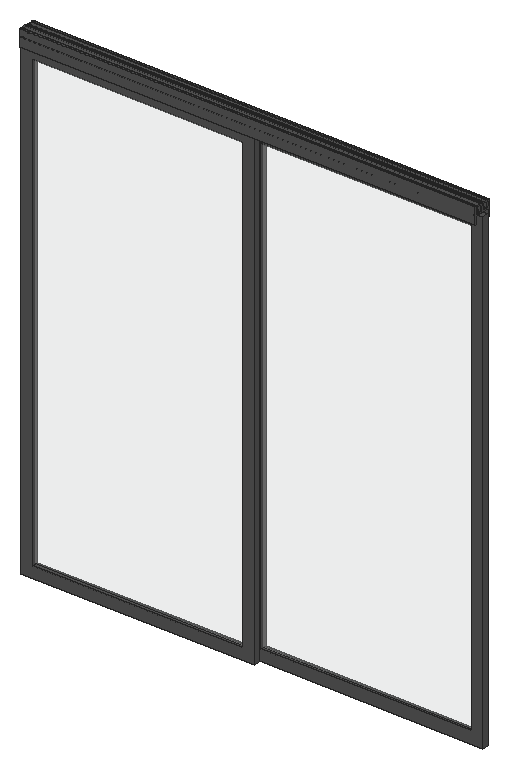
Revit family "Door_SS_The Sliding Door Company_2-Panel Double Track", category Doors, host Wall, Revit 2019
Family settings
  Host = Wall
  OmniClass Number = 23.30.10.00
  OmniClass Title = Doors
  Always vertical = Yes
  Cut with Voids When Loaded = No
  Shared = No
  Room Calculation Point = No
Parameters (values of type "SS Room Divider - 2 Panel 2 Track - AB/BA")
  Upper Track Material [instance] = TSDC - Casing/Upper Track - Powder Coated Black
  URL = "https://www.slidingdoorco.com"
  Thickness = 1 1/4"  # constant formula
  Structural Support = "Suspended Systems MUST be installed into structural wood header"  # constant formula
  Stile and Rail = 2 1/2"  # constant formula
  Rough Width = Finished Opening Width + 5/8" * 2  # 101 1/4"
  Rough Height = Finished Opening Height + 5/8"  # 108 5/8"
  Panel Width = Width / 2 + 1 1/4"  # 51 1/4"
  Panel Height = Height - 2 1/4"  # 105 3/4"
  Open [instance] = no
  Model = "Suspended System - Full Height System"  # constant formula
  Manufacturer = "The Sliding Door Company"  # constant formula
  Limitations = "Panel Width x System Height cannot exceed 7,400 square inches"  # constant formula
  Glass Thickness = "Available in: 5mm Tempered, 7mm,10mm,11mm Laminated Glass"  # constant formula
  Glass Material [instance] = TSDC - Glass - Clear
  Function = Interior
  Height = if(Finished Opening Height > 108", 108", Finished Opening Height)  # 108"
  Wall Closure = By host
  Width = if(Finished Opening Width > 142", 142", Finished Opening Width)  # 100"
  Fire Rating = "N/A"  # constant formula
  Finished Opening Width = 100"
  Finished Opening Height = 108"
  Door Casing Material [instance] = TSDC - Casing/Upper Track - Powder Coated Black
  Description = "2 Panel Suspended System with Double Track"  # constant formula
  Contact The Sliding Door Company = "https://www.slidingdoorco.com/contact"
  Construction Type = "Top Mounted, Suspended System"  # constant formula
  Configuration = "AB/BA Configuration"  # constant formula
  Closed [instance] = not(Open)  # yes
  Clear Opening Height = Finished Opening Height - 3 9/16"  # 104 7/16"
  Analytic Construction = "<None>"
  2 1/2" Frame (No Support Dividers) = "Max. H=108 in., Max. W=142 in. (72 in. panel width)"  # constant formula
Reference planes (in)
  plane 1 "Center (Front/Back)": y = 0
  plane 2 "Center (Left/Right)": x = 0
  plane 3 "Top": z = 108
  plane 4 "Exterior": y = 3
  plane 5 "Interior": y = -3
  plane 6: x = -50
  plane 7: x = 50
  plane 8: z = 0.625
  plane 9: y = -0.67851
  plane 10 "Top": z = 96
  plane 11 "2": z = 94.375
  plane 12 "3": z = 95.25
  plane 13 "Top": z = 96
  plane 14 "2": z = 94.375
  plane 15 "3": z = 95.25
  plane 16 "Top": z = 80
  plane 17: x = -50
  plane 18: x = 50
  plane 19 "2": z = 78.375
  plane 20 "3": z = 79.25
  plane 21 "4": z = 106.20866
  plane 22 "5": z = 104.4375
  plane 23 "6": z = 105.20866
  plane 24: y = 1.99469
  plane 25: x = -1.25
  plane 26: x = 1.25
Forms (in)
  Extrusion 1, solid, material "TSDC - Casing/Upper Track - Powder Coated Black" <- "Door Casing Material", visible <- "Closed"
    sketch origin (47.66587, 2.61969, 0) x (1, 0, 0) y (0, 0, 1)
      loop
        line (2.33413, 105.20866) -> (-48.91587, 105.20866) -> (-48.91587, 0.625) -> (2.33413, 0.625) -> (2.33413, 105.20866)
      loop
        line (-0.16587, 102.70866) -> (-46.41587, 102.70866) -> (-46.41587, 3.125) -> (-0.16587, 3.125) -> (-0.16587, 102.70866)
    from 0 to 1.25
  Extrusion 2, solid, material "TSDC - Glass - Clear" <- "Glass Material", visible <- "Closed"
    sketch origin (47.66587, 2.11969, 0) x (1, 0, 0) y (0, 0, 1)
      loop
        line (-0.16587, 102.70866) -> (-46.41587, 102.70866) -> (-46.41587, 3.125) -> (-0.16587, 3.125) -> (-0.16587, 102.70866)
    from 0 to 0.25
  Extrusion 3, solid, material "TSDC - Casing/Upper Track - Powder Coated Black", not visible
    sketch origin (0, 0.8784, 0.00198) x (0, 1, 0) y (0, 0, 1)
      loop
        line (1.17662, -0.00198) -> (1.7466, -0.00198) -> (1.7466, 0.11422) -> (1.63872, 0.16601) -> (1.5898, 0.16) -> (1.58595, 0.19134) -> (1.49638, 0.23434) -> (1.44746, 0.22833) -> (1.44362, 0.25967) -> (1.35493, 0.30224) -> (1.30601, 0.29623) -> (1.30216, 0.32757) -> (1.21825, 0.36785)
        arc (1.21825, 0.36785) -> (1.19583, 0.37043) -> (1.17662, 0.35859) r 0.03449
        line (1.17662, 0.35859) -> (1.17662, 0.26961) -> (1.14379, 0.26961) -> (1.14379, 0.30227) -> (1.11271, 0.30227) -> (1.11271, 0.05752) -> (1.14379, 0.05752) -> (1.14379, 0.08934) -> (1.17662, 0.08934) -> (1.17662, -0.00198)
      loop
        line (1.6966, 0.05) -> (1.6966, 0.08276) -> (1.2346, 0.30454) -> (1.2346, 0.05) -> (1.6966, 0.05)
    from -50 to 50
  Extrusion 4, solid, material "TSDC - Casing/Upper Track - Powder Coated Black", not visible
    sketch origin (0, 0.8784, 0.00198) x (0, 1, 0) y (0, 0, 1)
      loop
        arc (1.17662, 0.34104) -> (1.17081, 0.35508) -> (1.15677, 0.36093) r 0.01985
        line (1.15677, 0.36093) -> (1.07541, 0.36093)
        arc (1.07541, 0.36093) -> (1.06136, 0.3551) -> (1.05556, 0.34103) r 0.01985
        line (1.05556, 0.34103) -> (1.05556, 0.20299) -> (0.9831, 0.20299) -> (0.9831, 0.28602)
        arc (0.9831, 0.28602) -> (0.87384, 0.39506) -> (0.76472, 0.28588) r 0.10919
        line (0.76472, 0.28588) -> (0.82428, 0.28588)
        arc (0.82428, 0.28588) -> (0.87397, 0.3355) -> (0.92354, 0.28575) r 0.04963
        line (0.92354, 0.28575) -> (0.92354, 0.14753) -> (1.05556, 0.10767) -> (1.05556, 0.05757) -> (0.38753, 0.05757) -> (0.38753, 0.36093) -> (-0.56932, 0.36093) -> (-0.56932, 0.20299) -> (-0.64178, 0.20299) -> (-0.64178, 0.28602)
        arc (-0.64178, 0.28602) -> (-0.75104, 0.39506) -> (-0.86016, 0.28588) r 0.10919
        line (-0.86016, 0.28588) -> (-0.8006, 0.28588)
        arc (-0.8006, 0.28588) -> (-0.75091, 0.3355) -> (-0.70134, 0.28575) r 0.04963
        line (-0.70134, 0.28575) -> (-0.70134, 0.14753) -> (-0.56932, 0.10767) -> (-0.56932, 0.05757) -> (-1.23735, 0.05757) -> (-1.23735, 0.36093) -> (-2.19421, 0.36093) -> (-2.19421, 0.20299) -> (-2.26667, 0.20299) -> (-2.26667, 0.28602)
        arc (-2.26667, 0.28602) -> (-2.37592, 0.39506) -> (-2.48504, 0.28588) r 0.10919
        line (-2.48504, 0.28588) -> (-2.42548, 0.28588)
        arc (-2.42548, 0.28588) -> (-2.37579, 0.3355) -> (-2.32622, 0.28575) r 0.04963
        line (-2.32622, 0.28575) -> (-2.32622, 0.14753) -> (-2.19421, 0.10767) -> (-2.19421, 0.05757) -> (-2.86223, 0.05757) -> (-2.86223, 0.34103)
        arc (-2.86223, 0.34103) -> (-2.86803, 0.3551) -> (-2.88208, 0.36093) r 0.01985
        line (-2.88208, 0.36093) -> (-2.96344, 0.36093)
        arc (-2.96344, 0.36093) -> (-2.97751, 0.35509) -> (-2.9833, 0.341) r 0.01985
        line (-2.9833, 0.341) -> (-2.9833, 0.26961) -> (-2.95059, 0.26961) -> (-2.95059, 0.30227) -> (-2.91939, 0.30227) -> (-2.91939, 0.05752) -> (-2.95046, 0.05752) -> (-2.95046, 0.08934) -> (-2.9833, 0.08934) -> (-2.9833, -0.00198) -> (-2.13705, -0.00198) -> (-2.10598, 0.05752) -> (-2.13705, 0.05752) -> (-2.13705, 0.30227) -> (-1.29451, 0.30227) -> (-1.29451, 0.05752) -> (-1.32558, 0.05752) -> (-1.29451, -0.00198) -> (-0.51217, -0.00198) -> (-0.4811, 0.05752) -> (-0.51217, 0.05752) -> (-0.51217, 0.30227) -> (0.33038, 0.30227) -> (0.33038, 0.05752) -> (0.2993, 0.05752) -> (0.33038, -0.00198) -> (1.17662, -0.00198) -> (1.17662, 0.08934) -> (1.14379, 0.08934) -> (1.14379, 0.05752) -> (1.11271, 0.05752) -> (1.11271, 0.30227) -> (1.14379, 0.30227) -> (1.14379, 0.26961) -> (1.17662, 0.26961) -> (1.17662, 0.34104)
    from -50 to 50
  Extrusion 5, solid, material "TSDC - Casing/Upper Track - Powder Coated Black", not visible
    sketch origin (0, -0.92827, 0.00198) x (0, -1, 0) y (0, 0, -1)
      loop
        line (1.17662, 0.00198) -> (1.17662, -0.08934) -> (1.14379, -0.08934) -> (1.14379, -0.05752) -> (1.11271, -0.05752) -> (1.11271, -0.30227) -> (1.14379, -0.30227) -> (1.14379, -0.26961) -> (1.17662, -0.26961) -> (1.17662, -0.35859)
        arc (1.17662, -0.35859) -> (1.19583, -0.37043) -> (1.21825, -0.36785) r 0.03449
        line (1.21825, -0.36785) -> (1.30216, -0.32757) -> (1.30601, -0.29623) -> (1.35493, -0.30224) -> (1.44362, -0.25967) -> (1.44746, -0.22833) -> (1.49638, -0.23434) -> (1.58595, -0.19134) -> (1.5898, -0.16) -> (1.63872, -0.16601) -> (1.7466, -0.11422) -> (1.7466, 0.00198) -> (1.17662, 0.00198)
      loop
        line (1.6966, -0.05) -> (1.2346, -0.05) -> (1.2346, -0.30454) -> (1.6966, -0.08276) -> (1.6966, -0.05)
    from -50 to 50
  Extrusion 6, solid, material "TSDC - Casing/Upper Track - Powder Coated Black", not visible
    sketch origin (0, 1.25781, 0) x (0, 1, 0) y (0, 0, 1)
      loop
        line (1.74219, 96) -> (-2.99219, 96) -> (-2.99219, 93.875) -> (-2.93359, 93.875) -> (-2.93359, 95.94141) -> (-1.43359, 95.94141) -> (-1.43359, 93.875) -> (-1.375, 93.875) -> (-1.375, 95.94141) -> (0.125, 95.94141) -> (0.125, 93.875) -> (0.18359, 93.875) -> (0.18359, 95.94141) -> (1.68359, 95.94141) -> (1.68359, 93.875) -> (1.74219, 93.875) -> (1.74219, 96)
    from -50 to 50
  Extrusion 7, solid, material "TSDC - Casing/Upper Track - Powder Coated Black", visible <- "Open", not visible
    sketch origin (-18.0008, 2.81641, 0) x (1, 0, 0) y (0, 0, 1)
      loop
        line (2.33413, 94.375) -> (-31.9992, 94.375) -> (-31.9992, 0.625) -> (2.33413, 0.625) -> (2.33413, 94.375)
      loop
        line (0.83413, 92.875) -> (-30.4992, 92.875) -> (-30.4992, 2.125) -> (0.83413, 2.125) -> (0.83413, 92.875)
    from 0 to 1.25
  Extrusion 8, solid, material "TSDC - Glass - Clear", visible <- "Open", not visible
    sketch origin (-18.0008, 2.31641, 0) x (1, 0, 0) y (0, 0, 1)
      loop
        line (0.83413, 92.875) -> (-30.4992, 92.875) -> (-30.4992, 2.125) -> (0.83413, 2.125) -> (0.83413, 92.875)
    from 0 to 0.25
  Extrusion 9, solid, material "TSDC - Casing/Upper Track - Powder Coated Black", visible <- "Open", not visible
    sketch origin (-44.66746, 1.25781, 0) x (1, 0, 0) y (0, 0, 1)
      loop
        line (29.0008, 94.375) -> (-5.33254, 94.375) -> (-5.33254, 0.625) -> (29.0008, 0.625) -> (29.0008, 94.375)
      loop
        line (27.5008, 92.875) -> (-3.83254, 92.875) -> (-3.83254, 2.125) -> (27.5008, 2.125) -> (27.5008, 92.875)
    from 0 to 1.25
  Extrusion 10, solid, material "TSDC - Glass - Clear", visible <- "Open", not visible
    sketch origin (-44.66746, 0.75781, 0) x (1, 0, 0) y (0, 0, 1)
      loop
        line (27.5008, 92.875) -> (-3.83254, 92.875) -> (-3.83254, 2.125) -> (27.5008, 2.125) -> (27.5008, 92.875)
    from 0 to 0.25
  Extrusion 11, solid, material "TSDC - Casing/Upper Track - Powder Coated Black", visible <- "Open", not visible
    sketch origin (-71.33413, -0.30078, 0) x (1, 0, 0) y (0, 0, 1)
      loop
        line (55.66746, 94.375) -> (21.33413, 94.375) -> (21.33413, 0.625) -> (55.66746, 0.625) -> (55.66746, 94.375)
      loop
        line (54.16746, 92.875) -> (22.83413, 92.875) -> (22.83413, 2.125) -> (54.16746, 2.125) -> (54.16746, 92.875)
    from 0 to 1.25
  Extrusion 12, solid, material "TSDC - Glass - Clear", visible <- "Open", not visible
    sketch origin (-71.33413, -0.80078, 0) x (1, 0, 0) y (0, 0, 1)
      loop
        line (54.16746, 92.875) -> (22.83413, 92.875) -> (22.83413, 2.125) -> (54.16746, 2.125) -> (54.16746, 92.875)
    from 0 to 0.25
  Extrusion 13, solid, material "TSDC - Casing/Upper Track - Powder Coated Black", visible <- "Closed", not visible
    sketch origin (-11.83413, 1.25781, 0) x (1, 0, 0) y (0, 0, 1)
      loop
        line (29.0008, 94.375) -> (-5.33254, 94.375) -> (-5.33254, 0.625) -> (29.0008, 0.625) -> (29.0008, 94.375)
      loop
        line (27.5008, 92.875) -> (-3.83254, 92.875) -> (-3.83254, 2.125) -> (27.5008, 2.125) -> (27.5008, 92.875)
    from 0 to 1.25
  Extrusion 14, solid, material "TSDC - Glass - Clear", visible <- "Closed", not visible
    sketch origin (-11.83413, 0.75781, 0) x (1, 0, 0) y (0, 0, 1)
      loop
        line (27.5008, 92.875) -> (-3.83254, 92.875) -> (-3.83254, 2.125) -> (27.5008, 2.125) -> (27.5008, 92.875)
    from 0 to 0.25
  Extrusion 15, solid, material "TSDC - Casing/Upper Track - Powder Coated Black", visible <- "Closed", not visible
    sketch origin (47.66587, 2.81641, 0) x (1, 0, 0) y (0, 0, 1)
      loop
        line (2.33413, 94.375) -> (-31.9992, 94.375) -> (-31.9992, 0.625) -> (2.33413, 0.625) -> (2.33413, 94.375)
      loop
        line (0.83413, 92.875) -> (-30.4992, 92.875) -> (-30.4992, 2.125) -> (0.83413, 2.125) -> (0.83413, 92.875)
    from 0 to 1.25
  Extrusion 16, solid, material "TSDC - Glass - Clear", visible <- "Closed", not visible
    sketch origin (47.66587, 2.31641, 0) x (1, 0, 0) y (0, 0, 1)
      loop
        line (0.83413, 92.875) -> (-30.4992, 92.875) -> (-30.4992, 2.125) -> (0.83413, 2.125) -> (0.83413, 92.875)
    from 0 to 0.25
  Extrusion 17, solid, material "TSDC - Casing/Upper Track - Powder Coated Black", visible <- "Closed", not visible
    sketch origin (-71.33413, -0.30078, 0) x (1, 0, 0) y (0, 0, 1)
      loop
        line (55.66746, 94.375) -> (21.33413, 94.375) -> (21.33413, 0.625) -> (55.66746, 0.625) -> (55.66746, 94.375)
      loop
        line (54.16746, 92.875) -> (22.83413, 92.875) -> (22.83413, 2.125) -> (54.16746, 2.125) -> (54.16746, 92.875)
    from 0 to 1.25
  Extrusion 18, solid, material "TSDC - Glass - Clear", visible <- "Closed", not visible
    sketch origin (-71.33413, -0.80078, 0) x (1, 0, 0) y (0, 0, 1)
      loop
        line (54.16746, 92.875) -> (22.83413, 92.875) -> (22.83413, 2.125) -> (54.16746, 2.125) -> (54.16746, 92.875)
    from 0 to 0.25
  Extrusion 19, solid, material "TSDC - Casing/Upper Track - Powder Coated Black", not visible
    sketch origin (0, 1.25781, 0) x (0, 1, 0) y (0, 0, 1)
      loop
        line (1.74219, 96) -> (-2.99219, 96) -> (-2.99219, 93.875) -> (-2.93359, 93.875) -> (-2.93359, 95.94141) -> (-1.43359, 95.94141) -> (-1.43359, 93.875) -> (-1.375, 93.875) -> (-1.375, 95.94141) -> (0.125, 95.94141) -> (0.125, 93.875) -> (0.18359, 93.875) -> (0.18359, 95.94141) -> (1.68359, 95.94141) -> (1.68359, 93.875) -> (1.74219, 93.875) -> (1.74219, 96)
    from -50 to 50
  Extrusion 20, solid, material "TSDC - Casing/Upper Track - Powder Coated Black", not visible
    sketch origin (0, 1.25781, 0) x (0, 1, 0) y (0, 0, 1)
      loop
        line (1.74219, 96) -> (-2.99219, 96) -> (-2.99219, 93.875) -> (-2.93359, 93.875) -> (-2.93359, 95.94141) -> (-1.43359, 95.94141) -> (-1.43359, 93.875) -> (-1.375, 93.875) -> (-1.375, 95.94141) -> (0.125, 95.94141) -> (0.125, 93.875) -> (0.18359, 93.875) -> (0.18359, 95.94141) -> (1.68359, 95.94141) -> (1.68359, 93.875) -> (1.74219, 93.875) -> (1.74219, 96)
    from -50 to 50
  Extrusion 21, solid, material "TSDC - Casing/Upper Track - Powder Coated Black", not visible
    sketch origin (0, 1.25781, 0) x (0, 1, 0) y (0, 0, 1)
      loop
        line (1.74219, 96) -> (-2.99219, 96) -> (-2.99219, 93.875) -> (-2.93359, 93.875) -> (-2.93359, 95.94141) -> (-1.43359, 95.94141) -> (-1.43359, 93.875) -> (-1.375, 93.875) -> (-1.375, 95.94141) -> (0.125, 95.94141) -> (0.125, 93.875) -> (0.18359, 93.875) -> (0.18359, 95.94141) -> (1.68359, 95.94141) -> (1.68359, 93.875) -> (1.74219, 93.875) -> (1.74219, 96)
    from -50 to 50
  Extrusion 22, solid, material "TSDC - Casing/Upper Track - Powder Coated Black", not visible
    sketch origin (0, 0.8784, 0.00198) x (0, 1, 0) y (0, 0, 1)
      loop
        line (1.17662, -0.00198) -> (1.7466, -0.00198) -> (1.7466, 0.11422) -> (1.63872, 0.16601) -> (1.5898, 0.16) -> (1.58595, 0.19134) -> (1.49638, 0.23434) -> (1.44746, 0.22833) -> (1.44362, 0.25967) -> (1.35493, 0.30224) -> (1.30601, 0.29623) -> (1.30216, 0.32757) -> (1.21825, 0.36785)
        arc (1.21825, 0.36785) -> (1.19583, 0.37043) -> (1.17662, 0.35859) r 0.03449
        line (1.17662, 0.35859) -> (1.17662, 0.26961) -> (1.14379, 0.26961) -> (1.14379, 0.30227) -> (1.11271, 0.30227) -> (1.11271, 0.05752) -> (1.14379, 0.05752) -> (1.14379, 0.08934) -> (1.17662, 0.08934) -> (1.17662, -0.00198)
      loop
        line (1.6966, 0.05) -> (1.6966, 0.08276) -> (1.2346, 0.30454) -> (1.2346, 0.05) -> (1.6966, 0.05)
    from -50 to 50
  Extrusion 23, solid, material "TSDC - Casing/Upper Track - Powder Coated Black", not visible
    sketch origin (0, 0.8784, 0.00198) x (0, 1, 0) y (0, 0, 1)
      loop
        arc (1.17662, 0.34104) -> (1.17081, 0.35508) -> (1.15677, 0.36093) r 0.01985
        line (1.15677, 0.36093) -> (1.07541, 0.36093)
        arc (1.07541, 0.36093) -> (1.06136, 0.3551) -> (1.05556, 0.34103) r 0.01985
        line (1.05556, 0.34103) -> (1.05556, 0.20299) -> (0.9831, 0.20299) -> (0.9831, 0.28602)
        arc (0.9831, 0.28602) -> (0.87384, 0.39506) -> (0.76472, 0.28588) r 0.10919
        line (0.76472, 0.28588) -> (0.82428, 0.28588)
        arc (0.82428, 0.28588) -> (0.87397, 0.3355) -> (0.92354, 0.28575) r 0.04963
        line (0.92354, 0.28575) -> (0.92354, 0.14753) -> (1.05556, 0.10767) -> (1.05556, 0.05757) -> (0.38753, 0.05757) -> (0.38753, 0.36093) -> (-0.56932, 0.36093) -> (-0.56932, 0.20299) -> (-0.64178, 0.20299) -> (-0.64178, 0.28602)
        arc (-0.64178, 0.28602) -> (-0.75104, 0.39506) -> (-0.86016, 0.28588) r 0.10919
        line (-0.86016, 0.28588) -> (-0.8006, 0.28588)
        arc (-0.8006, 0.28588) -> (-0.75091, 0.3355) -> (-0.70134, 0.28575) r 0.04963
        line (-0.70134, 0.28575) -> (-0.70134, 0.14753) -> (-0.56932, 0.10767) -> (-0.56932, 0.05757) -> (-1.23735, 0.05757) -> (-1.23735, 0.36093) -> (-2.19421, 0.36093) -> (-2.19421, 0.20299) -> (-2.26667, 0.20299) -> (-2.26667, 0.28602)
        arc (-2.26667, 0.28602) -> (-2.37592, 0.39506) -> (-2.48504, 0.28588) r 0.10919
        line (-2.48504, 0.28588) -> (-2.42548, 0.28588)
        arc (-2.42548, 0.28588) -> (-2.37579, 0.3355) -> (-2.32622, 0.28575) r 0.04963
        line (-2.32622, 0.28575) -> (-2.32622, 0.14753) -> (-2.19421, 0.10767) -> (-2.19421, 0.05757) -> (-2.86223, 0.05757) -> (-2.86223, 0.34103)
        arc (-2.86223, 0.34103) -> (-2.86803, 0.3551) -> (-2.88208, 0.36093) r 0.01985
        line (-2.88208, 0.36093) -> (-2.96344, 0.36093)
        arc (-2.96344, 0.36093) -> (-2.97751, 0.35509) -> (-2.9833, 0.341) r 0.01985
        line (-2.9833, 0.341) -> (-2.9833, 0.26961) -> (-2.95059, 0.26961) -> (-2.95059, 0.30227) -> (-2.91939, 0.30227) -> (-2.91939, 0.05752) -> (-2.95046, 0.05752) -> (-2.95046, 0.08934) -> (-2.9833, 0.08934) -> (-2.9833, -0.00198) -> (-2.13705, -0.00198) -> (-2.10598, 0.05752) -> (-2.13705, 0.05752) -> (-2.13705, 0.30227) -> (-1.29451, 0.30227) -> (-1.29451, 0.05752) -> (-1.32558, 0.05752) -> (-1.29451, -0.00198) -> (-0.51217, -0.00198) -> (-0.4811, 0.05752) -> (-0.51217, 0.05752) -> (-0.51217, 0.30227) -> (0.33038, 0.30227) -> (0.33038, 0.05752) -> (0.2993, 0.05752) -> (0.33038, -0.00198) -> (1.17662, -0.00198) -> (1.17662, 0.08934) -> (1.14379, 0.08934) -> (1.14379, 0.05752) -> (1.11271, 0.05752) -> (1.11271, 0.30227) -> (1.14379, 0.30227) -> (1.14379, 0.26961) -> (1.17662, 0.26961) -> (1.17662, 0.34104)
    from -50 to 50
  Extrusion 24, solid, material "TSDC - Casing/Upper Track - Powder Coated Black", not visible
    sketch origin (0, -0.92827, 0.00198) x (0, -1, 0) y (0, 0, -1)
      loop
        line (1.17662, 0.00198) -> (1.17662, -0.08934) -> (1.14379, -0.08934) -> (1.14379, -0.05752) -> (1.11271, -0.05752) -> (1.11271, -0.30227) -> (1.14379, -0.30227) -> (1.14379, -0.26961) -> (1.17662, -0.26961) -> (1.17662, -0.35859)
        arc (1.17662, -0.35859) -> (1.19583, -0.37043) -> (1.21825, -0.36785) r 0.03449
        line (1.21825, -0.36785) -> (1.30216, -0.32757) -> (1.30601, -0.29623) -> (1.35493, -0.30224) -> (1.44362, -0.25967) -> (1.44746, -0.22833) -> (1.49638, -0.23434) -> (1.58595, -0.19134) -> (1.5898, -0.16) -> (1.63872, -0.16601) -> (1.7466, -0.11422) -> (1.7466, 0.00198) -> (1.17662, 0.00198)
      loop
        line (1.6966, -0.05) -> (1.2346, -0.05) -> (1.2346, -0.30454) -> (1.6966, -0.08276) -> (1.6966, -0.05)
    from -50 to 50
  Extrusion 25, solid, material "TSDC - Casing/Upper Track - Powder Coated Black", not visible
    sketch origin (0, 1.25781, -16) x (0, 1, 0) y (0, 0, 1)
      loop
        line (1.74219, 96) -> (-2.99219, 96) -> (-2.99219, 93.875) -> (-2.93359, 93.875) -> (-2.93359, 95.94141) -> (-1.43359, 95.94141) -> (-1.43359, 93.875) -> (-1.375, 93.875) -> (-1.375, 95.94141) -> (0.125, 95.94141) -> (0.125, 93.875) -> (0.18359, 93.875) -> (0.18359, 95.94141) -> (1.68359, 95.94141) -> (1.68359, 93.875) -> (1.74219, 93.875) -> (1.74219, 96)
    from -50 to 50
  Extrusion 26, solid, material "TSDC - Casing/Upper Track - Powder Coated Black" <- "Door Casing Material", visible <- "Closed"
    sketch origin (-47.66587, 0.91876, 0) x (-1, 0, 0) y (0, 0, -1)
      loop
        line (2.33413, -105.20866) -> (2.33413, -0.625) -> (-48.91587, -0.625) -> (-48.91587, -105.20866) -> (2.33413, -105.20866)
      loop
        line (-0.16587, -102.70866) -> (-0.16587, -3.125) -> (-46.41587, -3.125) -> (-46.41587, -102.70866) -> (-0.16587, -102.70866)
    from 0 to 1.25
  Extrusion 27, solid, material "TSDC - Glass - Clear" <- "Glass Material", visible <- "Closed"
    sketch origin (-47.66587, 0.41876, 0) x (-1, 0, 0) y (0, 0, -1)
      loop
        line (-0.16587, -102.70866) -> (-0.16587, -3.125) -> (-46.41587, -3.125) -> (-46.41587, -102.70866) -> (-0.16587, -102.70866)
    from 0 to 0.25
  Extrusion 28, solid, material "TSDC - Casing/Upper Track - Powder Coated Black" <- "Door Casing Material", visible <- "Open"
    sketch origin (-22.08413, 2.61969, 0) x (1, 0, 0) y (0, 0, 1)
      loop
        line (23.33413, 105.20866) -> (-27.91587, 105.20866) -> (-27.91587, 0.625) -> (23.33413, 0.625) -> (23.33413, 105.20866)
      loop
        line (20.83413, 102.70866) -> (-25.41587, 102.70866) -> (-25.41587, 3.125) -> (20.83413, 3.125) -> (20.83413, 102.70866)
    from 0 to 1.25
  Extrusion 29, solid, material "TSDC - Glass - Clear" <- "Glass Material", visible <- "Open"
    sketch origin (-22.08413, 2.11969, 0) x (1, 0, 0) y (0, 0, 1)
      loop
        line (20.83413, 102.70866) -> (-25.41587, 102.70866) -> (-25.41587, 3.125) -> (20.83413, 3.125) -> (20.83413, 102.70866)
    from 0 to 0.25
  Extrusion 30, solid, material "TSDC - Casing/Upper Track - Powder Coated Black" <- "Door Casing Material", visible <- "Open"
    sketch origin (-47.66587, 0.91876, 0) x (-1, 0, 0) y (0, 0, -1)
      loop
        line (2.33413, -105.20866) -> (2.33413, -0.625) -> (-48.91587, -0.625) -> (-48.91587, -105.20866) -> (2.33413, -105.20866)
      loop
        line (-0.16587, -102.70866) -> (-0.16587, -3.125) -> (-46.41587, -3.125) -> (-46.41587, -102.70866) -> (-0.16587, -102.70866)
    from 0 to 1.25
  Extrusion 31, solid, material "TSDC - Glass - Clear" <- "Glass Material", visible <- "Open"
    sketch origin (-47.66587, 0.41876, 0) x (-1, 0, 0) y (0, 0, -1)
      loop
        line (-0.16587, -102.70866) -> (-0.16587, -3.125) -> (-46.41587, -3.125) -> (-46.41587, -102.70866) -> (-0.16587, -102.70866)
    from 0 to 0.25
  Extrusion 32, solid, material "TSDC - Casing/Upper Track - Powder Coated Black" <- "Upper Track Material"
    sketch origin (0, -9.99219, 14) x (0, 1, 0) y (0, 0, 1)
      loop
        line (12.77485, 92.30866) -> (12.77485, 93.83805)
        arc (12.77485, 93.83805) -> (12.74556, 93.90876) -> (12.67485, 93.93805) r 0.1
        line (12.67485, 93.93805) -> (12.46222, 93.93805) -> (12.46222, 94) -> (11.51154, 94) -> (11.51154, 93.93805) -> (11.29891, 93.93805)
        arc (11.29891, 93.93805) -> (11.2282, 93.90876) -> (11.19891, 93.83805) r 0.1
        line (11.19891, 93.83805) -> (11.19891, 92.30866)
        arc (11.19891, 92.30866) -> (11.2282, 92.23795) -> (11.29891, 92.20866) r 0.1
        line (11.29891, 92.20866) -> (11.7739, 92.20866) -> (11.7739, 92.42325) -> (11.73907, 92.42325)
        arc (11.73907, 92.42325) -> (11.61684, 92.36548) -> (11.49461, 92.42325) r 0.15819
        line (11.49461, 92.42325) -> (11.41424, 92.42325)
        arc (11.41424, 92.42325) -> (11.4001, 92.42911) -> (11.39424, 92.44325) r 0.02
        line (11.39424, 92.44325) -> (11.39424, 93.78467)
        arc (11.39424, 93.78467) -> (11.4001, 93.79881) -> (11.41424, 93.80467) r 0.02
        line (11.41424, 93.80467) -> (12.55952, 93.80467)
        arc (12.55952, 93.80467) -> (12.57366, 93.79881) -> (12.57952, 93.78467) r 0.02
        line (12.57952, 93.78467) -> (12.57952, 92.44325)
        arc (12.57952, 92.44325) -> (12.57366, 92.42911) -> (12.55952, 92.42325) r 0.02
        line (12.55952, 92.42325) -> (12.47867, 92.42325)
        arc (12.47867, 92.42325) -> (12.35643, 92.36548) -> (12.2342, 92.42325) r 0.15819
        line (12.2342, 92.42325) -> (12.19986, 92.42325) -> (12.19986, 92.20866) -> (12.67485, 92.20866)
        arc (12.67485, 92.20866) -> (12.74556, 92.23795) -> (12.77485, 92.30866) r 0.1
      loop
        line (12.92891, 93.74442) -> (12.78285, 93.74442) -> (12.78285, 93.7059) -> (12.92891, 93.7059) -> (12.92891, 92.44117) -> (12.78285, 92.44117) -> (12.78285, 92.40266) -> (12.92691, 92.40266) -> (12.92904, 92.18765) -> (12.52135, 92.18765) -> (12.52135, 92.14914) -> (12.92891, 92.14914) -> (12.92891, 90.4375) -> (12.99219, 90.4375) -> (12.99219, 94) -> (12.52135, 94) -> (12.52135, 93.96148) -> (12.92891, 93.96148) -> (12.92891, 93.74442)
      loop
        arc (9.49797, 92.30866) -> (9.52726, 92.23795) -> (9.59797, 92.20866) r 0.1
        line (9.59797, 92.20866) -> (10.07296, 92.20866) -> (10.07296, 92.42325) -> (10.03862, 92.42325)
        arc (10.03862, 92.42325) -> (9.91639, 92.36548) -> (9.79416, 92.42325) r 0.15819
        line (9.79416, 92.42325) -> (9.7133, 92.42325)
        arc (9.7133, 92.42325) -> (9.69916, 92.42911) -> (9.6933, 92.44325) r 0.02
        line (9.6933, 92.44325) -> (9.6933, 93.78467)
        arc (9.6933, 93.78467) -> (9.69916, 93.79881) -> (9.7133, 93.80467) r 0.02
        line (9.7133, 93.80467) -> (10.85858, 93.80467)
        arc (10.85858, 93.80467) -> (10.87272, 93.79881) -> (10.87858, 93.78467) r 0.02
        line (10.87858, 93.78467) -> (10.87858, 92.44325)
        arc (10.87858, 92.44325) -> (10.87272, 92.42911) -> (10.85858, 92.42325) r 0.02
        line (10.85858, 92.42325) -> (10.77821, 92.42325)
        arc (10.77821, 92.42325) -> (10.65598, 92.36548) -> (10.53375, 92.42325) r 0.15819
        line (10.53375, 92.42325) -> (10.49893, 92.42325) -> (10.49893, 92.20866) -> (10.97391, 92.20866)
        arc (10.97391, 92.20866) -> (11.04462, 92.23795) -> (11.07391, 92.30866) r 0.1
        line (11.07391, 92.30866) -> (11.07391, 93.83805)
        arc (11.07391, 93.83805) -> (11.04462, 93.90876) -> (10.97391, 93.93805) r 0.1
        line (10.97391, 93.93805) -> (10.76128, 93.93805) -> (10.76128, 94) -> (9.8106, 94) -> (9.8106, 93.93805) -> (9.59797, 93.93805)
        arc (9.59797, 93.93805) -> (9.52726, 93.90876) -> (9.49797, 93.83805) r 0.1
        line (9.49797, 93.83805) -> (9.49797, 92.30866)
      loop
        line (9.34391, 93.74442) -> (9.34391, 93.96148) -> (9.75147, 93.96148) -> (9.75147, 94) -> (9.28064, 94) -> (9.28064, 90.4375) -> (9.34391, 90.4375) -> (9.34391, 92.14914) -> (9.75147, 92.14914) -> (9.75147, 92.18765) -> (9.34379, 92.18765) -> (9.34591, 92.40266) -> (9.48997, 92.40266) -> (9.48997, 92.44117) -> (9.34391, 92.44117) -> (9.34391, 93.7059) -> (9.48997, 93.7059) -> (9.48997, 93.74442) -> (9.34391, 93.74442)
    from -50 to 50
Lines and regions (in)
  Opening 1
    outline origin (-60, -3, 0) x (1, 0, 0) y (0, 0, 1)
      loop
        line (110, 108) -> (10, 108) -> (10, 0) -> (110, 0) -> (110, 108)
Text (in)
  text "Exterior" at (-165.54235, 27.31104, 0), in view "Ref. Level"
  text "Interior" at (-165.54235, -25.14366, 0), in view "Ref. Level"
  text "Exterior" at (0, 40.15149, 123.01588), in view "Right"
  text "Interior" at (0, -64.39139, 123.01588), in view "Right"
  text "Interior" at (0, -31.01599, 123.00693), in view "Left"
  text "Exterior" at (0, 54.57065, 123.00693), in view "Left"
Dimensions and locks (in)
  equal spacing: plane 6, plane 2 "Center (Left/Right)", plane 7
  "Stile and Rail": Extrusion 1 to Extrusion 1  (x4)
  "Height": level to plane 3 "Top"
  "Width": plane 6 to plane 7
  "Stile and Rail": Extrusion 26 to Extrusion 26  (x4)
  Extrusion 26 to Extrusion 26 = 51 1/4"
  Extrusion 1 to Extrusion 1 = 51 1/4"
  locked: plane 22 "5" to plane 3 "Top" at 3.5625
  locked: plane 21 "4" to plane 3 "Top" at 1.79134
  locked: plane 23 "6" to plane 21 "4" at 1
  "Stile and Rail": Extrusion 28 to Extrusion 28  (x4)
  "Stile and Rail": Extrusion 30 to Extrusion 30  (x4)
  Extrusion 26 to Extrusion 26 to Extrusion 1 to Extrusion 1 to plane 4 "Exterior" = 1 1/4" locked, 0.45094" locked, 1 1/4" locked, 0.38031" locked
  Extrusion 27 to Extrusion 27 to Extrusion 2 to Extrusion 2 to plane 4 "Exterior" = 1/4" locked, 1.45094" locked, 1/4" locked, 0.88031" locked
  Extrusion 30 to Extrusion 30 to Extrusion 28 to Extrusion 28 to plane 4 "Exterior" = 1 1/4" locked, 0.45094" locked, 1 1/4" locked, 0.38031" locked
  Extrusion 31 to Extrusion 31 to Extrusion 29 to Extrusion 29 to plane 4 "Exterior" = 1/4" locked, 1.45094" locked, 1/4" locked, 0.88031" locked
  plane 4 "Exterior" to Extrusion 32 to Extrusion 32 to Extrusion 32 to Extrusion 32 to Extrusion 32 to Extrusion 32 to Extrusion 32 to Extrusion 32 to Extrusion 32 to Extrusion 32 to Extrusion 32 = 0.06328" locked, 0.15406" locked, 25/128" locked, 1.18528" locked, 25/128" locked, 1/8" locked, 25/128" locked, 1.18528" locked, 25/128" locked, 0.15406" locked, 0.06328" locked
  aligned and locked: plane 4 "Exterior" to host wall
  aligned and locked: host wall to plane 5 "Interior"
  aligned and locked: Extrusion 2 to Extrusion 1  (x4)
  aligned and locked: Extrusion 26 to Extrusion 27  (x4)
  aligned and locked: Extrusion 1 to plane 23 "6"
  aligned and locked: Extrusion 26 to Extrusion 1  (x2)
  aligned and locked: Extrusion 1 to plane 25
  aligned and locked: Extrusion 29 to Extrusion 28  (x4)
  aligned and locked: Extrusion 30 to Extrusion 31  (x4)
  aligned and locked: Opening 1 sketch curve to plane 7
  aligned and locked: Opening 1 sketch curve to plane 6
  aligned and locked: Extrusion 32 to host wall
  aligned and locked: host wall to Extrusion 32
Automatic sketch dimensions
  Extrusion 3 sketch curve to Extrusion 3 sketch curve = 0.03107"  (x2)
  Extrusion 3 sketch curve to Extrusion 3 sketch curve = 0.03284"  (x2)
  Extrusion 3 sketch curve to Extrusion 3 sketch curve = 0.0267"
  Extrusion 3 sketch curve to Extrusion 3 sketch curve = 0.01493"
  Extrusion 3 sketch curve to Extrusion 3 sketch curve = 0.05797"
  Extrusion 3 sketch curve to Extrusion 3 sketch curve = 0.06757"
  Extrusion 3 sketch curve to Extrusion 3 sketch curve = 0.00385"  (x3)
  Extrusion 3 sketch curve to Extrusion 3 sketch curve = 0.04892"  (x3)
  Extrusion 3 sketch curve to Extrusion 3 sketch curve = 0.08869"
  Extrusion 3 sketch curve to Extrusion 3 sketch curve = 0.08957"
  Extrusion 3 sketch curve to Extrusion 3 sketch curve = 0.05788"
  Extrusion 3 sketch curve to Extrusion 3 sketch curve = 0.05"
  Extrusion 3 sketch curve to Extrusion 3 sketch curve = 0.03276"
  Extrusion 3 sketch curve to Extrusion 3 sketch curve = 0.03182"
  Extrusion 3 sketch curve to Extrusion 3 sketch curve = 0.03146"
  Extrusion 3 sketch curve to Extrusion 3 sketch curve = 0.00601"  (x3)
  Extrusion 3 sketch curve to Extrusion 3 sketch curve = 0.09824"
  Extrusion 3 sketch curve to Extrusion 3 sketch curve = 0.03266"
  Extrusion 3 sketch curve to Extrusion 3 sketch curve = 0.06331"
  Extrusion 3 sketch curve to Extrusion 3 sketch curve = 0.03109"
  Extrusion 4 sketch curve to Extrusion 4 sketch curve = 0"  (x25)
  Extrusion 4 sketch curve to Extrusion 4 sketch curve = 0.01985"  (x3)
  Extrusion 4 sketch curve to Extrusion 4 sketch curve = 0.03271"
  Extrusion 4 sketch curve to Extrusion 4 sketch curve = 0.03284"  (x3)
  Extrusion 4 sketch curve to Extrusion 4 sketch curve = 0.03107"  (x9)
  Extrusion 4 sketch curve to Extrusion 4 sketch curve = 0.0373"
  Extrusion 4 sketch curve to Extrusion 4 sketch curve = 0.37719"  (x3)
  Extrusion 4 sketch curve to Extrusion 4 sketch curve = 0.05956"  (x6)
  Extrusion 4 sketch curve to Extrusion 4 sketch curve = 0.04963"  (x6)
  Extrusion 4 sketch curve to Extrusion 4 sketch curve = 0.07246"  (x4)
  Extrusion 4 sketch curve to Extrusion 4 sketch curve = 0.05716"  (x5)
  Extrusion 4 sketch curve to Extrusion 4 sketch curve = 0.7804"  (x2)
  Extrusion 4 sketch curve to Extrusion 4 sketch curve = 0.01299"
  Extrusion 4 sketch curve to Extrusion 4 sketch curve = 0.00005"  (x5)
  Extrusion 4 sketch curve to Extrusion 4 sketch curve = 0.03182"  (x2)
  Extrusion 4 sketch curve to Extrusion 4 sketch curve = 0.0501"  (x3)
  Extrusion 4 sketch curve to Extrusion 4 sketch curve = 0.03986"  (x2)
  Extrusion 4 sketch curve to Extrusion 4 sketch curve = 0.09532"  (x2)
  Extrusion 4 sketch curve to Extrusion 4 sketch curve = 0.05547"  (x2)
  Extrusion 4 sketch curve to Extrusion 4 sketch curve = 0.06662"
  Extrusion 4 sketch curve to Extrusion 4 sketch curve = 0.08276"  (x3)
  Extrusion 4 sketch curve to Extrusion 4 sketch curve = 0.00012"  (x3)
  Extrusion 4 sketch curve to Extrusion 4 sketch curve = 0.03266"  (x2)
  Extrusion 4 sketch curve to Extrusion 4 sketch curve = 0.24475"
  Extrusion 4 sketch curve to Extrusion 4 sketch curve = 0.09928"
  Extrusion 4 sketch curve to Extrusion 4 sketch curve = 0.03873"
  Extrusion 4 sketch curve to Extrusion 4 sketch curve = 0.03876"  (x2)
  Extrusion 4 sketch curve to Extrusion 4 sketch curve = 0.03877"
  Extrusion 4 sketch curve to Extrusion 4 sketch curve = 0.00007"
  Extrusion 4 sketch curve to Extrusion 4 sketch curve = 0.05866"  (x2)
  Extrusion 5 sketch curve to Extrusion 5 sketch curve = 0.03107"  (x2)
  Extrusion 5 sketch curve to Extrusion 5 sketch curve = 0.03284"  (x2)
  Extrusion 5 sketch curve to Extrusion 5 sketch curve = 0.0267"
  Extrusion 5 sketch curve to Extrusion 5 sketch curve = 0.01493"
  Extrusion 5 sketch curve to Extrusion 5 sketch curve = 0.05797"
  Extrusion 5 sketch curve to Extrusion 5 sketch curve = 0.06757"
  Extrusion 5 sketch curve to Extrusion 5 sketch curve = 0.00385"  (x3)
  Extrusion 5 sketch curve to Extrusion 5 sketch curve = 0.04892"  (x3)
  Extrusion 5 sketch curve to Extrusion 5 sketch curve = 0.08869"
  Extrusion 5 sketch curve to Extrusion 5 sketch curve = 0.08957"
  Extrusion 5 sketch curve to Extrusion 5 sketch curve = 0.05788"
  Extrusion 5 sketch curve to Extrusion 5 sketch curve = 0.05"
  Extrusion 5 sketch curve to Extrusion 5 sketch curve = 0.00926"
  Extrusion 5 sketch curve to Extrusion 5 sketch curve = 0.03134"  (x3)
  Extrusion 5 sketch curve to Extrusion 5 sketch curve = 0.03222"
  Extrusion 5 sketch curve to Extrusion 5 sketch curve = 0.05632"
  Extrusion 5 sketch curve to Extrusion 5 sketch curve = 0.03266"
  Extrusion 5 sketch curve to Extrusion 5 sketch curve = 0.06422"
  Extrusion 5 sketch curve to Extrusion 5 sketch curve = 0.03182"
  Extrusion 5 sketch curve to Extrusion 5 sketch curve = 0.03276"
  Extrusion 3 sketch curve to Extrusion 3 sketch curve = 0.05198"
  Extrusion 3 sketch curve to Extrusion 3 sketch curve = 0.05951"
  Extrusion 3 sketch curve to Extrusion 3 sketch curve = 0.07724"
  Extrusion 3 sketch curve to Extrusion 3 sketch curve = 0.03699"
  Extrusion 3 sketch curve to Extrusion 3 sketch curve = 0.18027"
  Extrusion 3 sketch curve to Extrusion 3 sketch curve = 0.00831"
  Extrusion 4 sketch curve to Extrusion 4 sketch curve = 0.05951"  (x6)
  Extrusion 4 sketch curve to Extrusion 4 sketch curve = 0.18027"
  Extrusion 5 sketch curve to Extrusion 5 sketch curve = 0.02303"
  Extrusion 5 sketch curve to Extrusion 5 sketch curve = 0.04257"
  Extrusion 5 sketch curve to Extrusion 5 sketch curve = 0.043"
  Extrusion 5 sketch curve to Extrusion 5 sketch curve = 0.05179"
  Extrusion 5 sketch curve to Extrusion 5 sketch curve = 0.03934"
  Extrusion 5 sketch curve to Extrusion 5 sketch curve = 0.05198"
  Extrusion 6 sketch curve to Extrusion 6 sketch curve = 15/256"  (x5)
  Extrusion 6 sketch curve to Extrusion 6 sketch curve = 0"  (x5)
  Extrusion 6 sketch curve to Extrusion 6 sketch curve = 1 1/2"  (x3)
  Extrusion 6 sketch curve to Extrusion 6 sketch curve = 2 17/256"
  Extrusion 7 sketch curve to Extrusion 7 sketch curve = 1 1/2"  (x4)
  Extrusion 7 sketch curve to Extrusion 7 sketch curve = 31.33333"
  Extrusion 7 sketch curve to Extrusion 7 sketch curve = 90 3/4"
  Extrusion 8 sketch curve to Extrusion 8 sketch curve = 31.33333"
  Extrusion 8 sketch curve to Extrusion 8 sketch curve = 90 3/4"
  Extrusion 9 sketch curve to Extrusion 9 sketch curve = 1 1/2"  (x4)
  Extrusion 9 sketch curve to Extrusion 9 sketch curve = 31.33333"
  Extrusion 9 sketch curve to Extrusion 9 sketch curve = 90 3/4"
  Extrusion 10 sketch curve to Extrusion 10 sketch curve = 31.33333"
  Extrusion 10 sketch curve to Extrusion 10 sketch curve = 90 3/4"
  Extrusion 11 sketch curve to Extrusion 11 sketch curve = 1 1/2"  (x4)
  Extrusion 11 sketch curve to Extrusion 11 sketch curve = 31.33333"
  Extrusion 11 sketch curve to Extrusion 11 sketch curve = 90 3/4"
  Extrusion 12 sketch curve to Extrusion 12 sketch curve = 31.33333"
  Extrusion 12 sketch curve to Extrusion 12 sketch curve = 90 3/4"
  Extrusion 13 sketch curve to Extrusion 13 sketch curve = 1 1/2"  (x4)
  Extrusion 13 sketch curve to Extrusion 13 sketch curve = 31.33333"
  Extrusion 13 sketch curve to Extrusion 13 sketch curve = 90 3/4"
  Extrusion 14 sketch curve to Extrusion 14 sketch curve = 31.33333"
  Extrusion 14 sketch curve to Extrusion 14 sketch curve = 90 3/4"
  Extrusion 15 sketch curve to Extrusion 15 sketch curve = 1 1/2"  (x4)
  Extrusion 15 sketch curve to Extrusion 15 sketch curve = 31.33333"
  Extrusion 15 sketch curve to Extrusion 15 sketch curve = 90 3/4"
  Extrusion 16 sketch curve to Extrusion 16 sketch curve = 31.33333"
  Extrusion 16 sketch curve to Extrusion 16 sketch curve = 90 3/4"
  Extrusion 17 sketch curve to Extrusion 17 sketch curve = 1 1/2"  (x4)
  Extrusion 17 sketch curve to Extrusion 17 sketch curve = 31.33333"
  Extrusion 17 sketch curve to Extrusion 17 sketch curve = 90 3/4"
  Extrusion 18 sketch curve to Extrusion 18 sketch curve = 31.33333"
  Extrusion 18 sketch curve to Extrusion 18 sketch curve = 90 3/4"
  Extrusion 19 sketch curve to Extrusion 19 sketch curve = 15/256"  (x5)
  Extrusion 19 sketch curve to Extrusion 19 sketch curve = 0"  (x5)
  Extrusion 19 sketch curve to Extrusion 19 sketch curve = 1 1/2"  (x3)
  Extrusion 19 sketch curve to Extrusion 19 sketch curve = 2 17/256"
  plane 11 "2" to Extrusion 20 sketch curve = 1/2"  (x4)
  Extrusion 20 sketch curve to Extrusion 20 sketch curve = 15/256"  (x4)
  plane 10 "Top" to Extrusion 20 sketch curve = 15/256"  (x2)
  Extrusion 20 sketch curve to Extrusion 20 sketch curve = 0"
  Extrusion 20 sketch curve to plane 10 "Top" = 0"
  Extrusion 20 sketch curve to Extrusion 20 sketch curve = 1 1/2"  (x3)
  plane 14 "2" to Extrusion 21 sketch curve = 1/2"  (x4)
  Extrusion 21 sketch curve to Extrusion 21 sketch curve = 15/256"  (x4)
  plane 13 "Top" to Extrusion 21 sketch curve = 15/256"  (x2)
  Extrusion 21 sketch curve to Extrusion 21 sketch curve = 0"
  Extrusion 21 sketch curve to plane 13 "Top" = 0"
  Extrusion 21 sketch curve to Extrusion 21 sketch curve = 1 1/2"  (x3)
  Extrusion 22 sketch curve to Extrusion 22 sketch curve = 0.03107"  (x2)
  Extrusion 22 sketch curve to Extrusion 22 sketch curve = 0.03284"  (x2)
  Extrusion 22 sketch curve to Extrusion 22 sketch curve = 0.0267"
  Extrusion 22 sketch curve to Extrusion 22 sketch curve = 0.01493"
  Extrusion 22 sketch curve to Extrusion 22 sketch curve = 0.05797"
  Extrusion 22 sketch curve to Extrusion 22 sketch curve = 0.06757"
  Extrusion 22 sketch curve to Extrusion 22 sketch curve = 0.00385"  (x3)
  Extrusion 22 sketch curve to Extrusion 22 sketch curve = 0.04892"  (x3)
  Extrusion 22 sketch curve to Extrusion 22 sketch curve = 0.08869"
  Extrusion 22 sketch curve to Extrusion 22 sketch curve = 0.08957"
  Extrusion 22 sketch curve to Extrusion 22 sketch curve = 0.05788"
  Extrusion 22 sketch curve to Extrusion 22 sketch curve = 0.05"
  Extrusion 22 sketch curve to Extrusion 22 sketch curve = 0.03276"
  Extrusion 22 sketch curve to Extrusion 22 sketch curve = 0.03182"
  Extrusion 22 sketch curve to Extrusion 22 sketch curve = 0.03146"
  Extrusion 22 sketch curve to Extrusion 22 sketch curve = 0.00601"  (x3)
  Extrusion 22 sketch curve to Extrusion 22 sketch curve = 0.09824"
  Extrusion 22 sketch curve to Extrusion 22 sketch curve = 0.03266"
  Extrusion 22 sketch curve to Extrusion 22 sketch curve = 0.06331"
  Extrusion 22 sketch curve to Extrusion 22 sketch curve = 0.03109"
  Extrusion 23 sketch curve to Extrusion 23 sketch curve = 0"  (x25)
  Extrusion 23 sketch curve to Extrusion 23 sketch curve = 0.01985"  (x3)
  Extrusion 23 sketch curve to Extrusion 23 sketch curve = 0.03271"
  Extrusion 23 sketch curve to Extrusion 23 sketch curve = 0.03284"  (x3)
  Extrusion 23 sketch curve to Extrusion 23 sketch curve = 0.03107"  (x9)
  Extrusion 23 sketch curve to Extrusion 23 sketch curve = 0.0373"
  Extrusion 23 sketch curve to Extrusion 23 sketch curve = 0.37719"  (x3)
  Extrusion 23 sketch curve to Extrusion 23 sketch curve = 0.05956"  (x6)
  Extrusion 23 sketch curve to Extrusion 23 sketch curve = 0.04963"  (x6)
  Extrusion 23 sketch curve to Extrusion 23 sketch curve = 0.07246"  (x4)
  Extrusion 23 sketch curve to Extrusion 23 sketch curve = 0.05716"  (x5)
  Extrusion 23 sketch curve to Extrusion 23 sketch curve = 0.7804"  (x2)
  Extrusion 23 sketch curve to Extrusion 23 sketch curve = 0.01299"
  Extrusion 23 sketch curve to Extrusion 23 sketch curve = 0.00005"  (x5)
  Extrusion 23 sketch curve to Extrusion 23 sketch curve = 0.03182"  (x2)
  Extrusion 23 sketch curve to Extrusion 23 sketch curve = 0.0501"  (x3)
  Extrusion 23 sketch curve to Extrusion 23 sketch curve = 0.03986"  (x2)
  Extrusion 23 sketch curve to Extrusion 23 sketch curve = 0.09532"  (x2)
  Extrusion 23 sketch curve to Extrusion 23 sketch curve = 0.05547"  (x2)
  Extrusion 23 sketch curve to Extrusion 23 sketch curve = 0.06662"
  Extrusion 23 sketch curve to Extrusion 23 sketch curve = 0.08276"  (x3)
  Extrusion 23 sketch curve to Extrusion 23 sketch curve = 0.00012"  (x3)
  Extrusion 23 sketch curve to Extrusion 23 sketch curve = 0.03266"  (x2)
  Extrusion 23 sketch curve to Extrusion 23 sketch curve = 0.24475"
  Extrusion 23 sketch curve to Extrusion 23 sketch curve = 0.09928"
  Extrusion 23 sketch curve to Extrusion 23 sketch curve = 0.03873"
  Extrusion 23 sketch curve to Extrusion 23 sketch curve = 0.03876"  (x2)
  Extrusion 23 sketch curve to Extrusion 23 sketch curve = 0.03877"
  Extrusion 23 sketch curve to Extrusion 23 sketch curve = 0.00007"
  Extrusion 23 sketch curve to Extrusion 23 sketch curve = 0.05866"  (x2)
  Extrusion 24 sketch curve to Extrusion 24 sketch curve = 0.03107"  (x2)
  Extrusion 24 sketch curve to Extrusion 24 sketch curve = 0.03284"  (x2)
  Extrusion 24 sketch curve to Extrusion 24 sketch curve = 0.0267"
  Extrusion 24 sketch curve to Extrusion 24 sketch curve = 0.01493"
  Extrusion 24 sketch curve to Extrusion 24 sketch curve = 0.05797"
  Extrusion 24 sketch curve to Extrusion 24 sketch curve = 0.06757"
  Extrusion 24 sketch curve to Extrusion 24 sketch curve = 0.00385"  (x3)
  Extrusion 24 sketch curve to Extrusion 24 sketch curve = 0.04892"  (x3)
  Extrusion 24 sketch curve to Extrusion 24 sketch curve = 0.08869"
  Extrusion 24 sketch curve to Extrusion 24 sketch curve = 0.08957"
  Extrusion 24 sketch curve to Extrusion 24 sketch curve = 0.05788"
  Extrusion 24 sketch curve to Extrusion 24 sketch curve = 0.05"
  Extrusion 24 sketch curve to Extrusion 24 sketch curve = 0.00926"
  Extrusion 24 sketch curve to Extrusion 24 sketch curve = 0.03134"  (x3)
  Extrusion 24 sketch curve to Extrusion 24 sketch curve = 0.03222"
  Extrusion 24 sketch curve to Extrusion 24 sketch curve = 0.05632"
  Extrusion 24 sketch curve to Extrusion 24 sketch curve = 0.03266"
  Extrusion 24 sketch curve to Extrusion 24 sketch curve = 0.06422"
  Extrusion 24 sketch curve to Extrusion 24 sketch curve = 0.03182"
  Extrusion 24 sketch curve to Extrusion 24 sketch curve = 0.03276"
  Extrusion 22 sketch curve to Extrusion 22 sketch curve = 0.05198"
  Extrusion 22 sketch curve to Extrusion 22 sketch curve = 0.05951"
  Extrusion 22 sketch curve to Extrusion 22 sketch curve = 0.07724"
  Extrusion 22 sketch curve to Extrusion 22 sketch curve = 0.03699"
  Extrusion 22 sketch curve to Extrusion 22 sketch curve = 0.18027"
  Extrusion 22 sketch curve to Extrusion 22 sketch curve = 0.00831"
  Extrusion 23 sketch curve to Extrusion 23 sketch curve = 0.05951"  (x6)
  Extrusion 23 sketch curve to Extrusion 23 sketch curve = 0.18027"
  Extrusion 24 sketch curve to Extrusion 24 sketch curve = 0.02303"
  Extrusion 24 sketch curve to Extrusion 24 sketch curve = 0.04257"
  Extrusion 24 sketch curve to Extrusion 24 sketch curve = 0.043"
  Extrusion 24 sketch curve to Extrusion 24 sketch curve = 0.05179"
  Extrusion 24 sketch curve to Extrusion 24 sketch curve = 0.03934"
  Extrusion 24 sketch curve to Extrusion 24 sketch curve = 0.05198"
  plane 19 "2" to Extrusion 25 sketch curve = 1/2"  (x4)
  Extrusion 25 sketch curve to Extrusion 25 sketch curve = 15/256"  (x4)
  plane 16 "Top" to Extrusion 25 sketch curve = 15/256"  (x2)
  Extrusion 25 sketch curve to Extrusion 25 sketch curve = 0"
  Extrusion 25 sketch curve to plane 16 "Top" = 0"
  Extrusion 25 sketch curve to Extrusion 25 sketch curve = 1 1/2"  (x3)
  Extrusion 1 sketch curve to plane 23 "6" = 0"
  Extrusion 1 sketch curve to plane 25 = 0"
  Extrusion 1 sketch curve to plane 26 = 0"
  Extrusion 1 sketch curve to plane 7 = 0"
  Extrusion 1 sketch curve to plane 8 = 0"
  Extrusion 1 sketch curve to plane 7 = 2 1/2"
  plane 8 to Extrusion 1 sketch curve = 2 1/2"
  plane 22 "5" to Extrusion 1 sketch curve = 1.72884"
  Extrusion 2 sketch curve to plane 26 = 0"
  Extrusion 2 sketch curve to plane 7 = 2 1/2"
  plane 8 to Extrusion 2 sketch curve = 2 1/2"
  plane 22 "5" to Extrusion 2 sketch curve = 1.72884"
  Opening 1 sketch curve to level = 0"
  Extrusion 26 sketch curve to plane 23 "6" = 0"
  Extrusion 26 sketch curve to plane 26 = 0"
  Extrusion 26 sketch curve to plane 25 = 0"
  Extrusion 26 sketch curve to plane 6 = 0"
  Extrusion 26 sketch curve to plane 8 = 0"
  plane 6 to Extrusion 26 sketch curve = 2 1/2"
  plane 22 "5" to Extrusion 26 sketch curve = 1.72884"
  plane 8 to Extrusion 26 sketch curve = 2 1/2"
  Extrusion 27 sketch curve to plane 25 = 0"
  plane 6 to Extrusion 27 sketch curve = 2 1/2"
  plane 22 "5" to Extrusion 27 sketch curve = 1.72884"
  plane 8 to Extrusion 27 sketch curve = 2 1/2"
  Extrusion 28 sketch curve to plane 6 = 0"
  Extrusion 28 sketch curve to plane 25 = 0"
  Extrusion 28 sketch curve to plane 23 "6" = 0"
  Extrusion 28 sketch curve to plane 26 = 0"
  Extrusion 28 sketch curve to plane 8 = 0"
  plane 6 to Extrusion 28 sketch curve = 2 1/2"
  plane 8 to Extrusion 28 sketch curve = 2 1/2"
  plane 22 "5" to Extrusion 28 sketch curve = 1.72884"
  plane 25 to Extrusion 29 sketch curve = 0"
  plane 6 to Extrusion 29 sketch curve = 2 1/2"
  plane 8 to Extrusion 29 sketch curve = 2 1/2"
  plane 22 "5" to Extrusion 29 sketch curve = 1.72884"
  Extrusion 30 sketch curve to plane 23 "6" = 0"
  Extrusion 30 sketch curve to plane 26 = 0"
  Extrusion 30 sketch curve to plane 25 = 0"
  Extrusion 30 sketch curve to plane 6 = 0"
  Extrusion 30 sketch curve to plane 8 = 0"
  plane 6 to Extrusion 30 sketch curve = 2 1/2"
  plane 22 "5" to Extrusion 30 sketch curve = 1.72884"
  plane 8 to Extrusion 30 sketch curve = 2 1/2"
  Extrusion 31 sketch curve to plane 25 = 0"
  plane 6 to Extrusion 31 sketch curve = 2 1/2"
  plane 22 "5" to Extrusion 31 sketch curve = 1.72884"
  plane 8 to Extrusion 31 sketch curve = 2 1/2"
  Extrusion 32 sketch curve to plane 3 "Top" = 0"  (x2)
  Extrusion 32 sketch curve to plane 22 "5" = 0"
  Extrusion 32 sketch curve to plane 21 "4" = 0"
  plane 21 "4" to Extrusion 32 sketch curve = 0"  (x3)
  plane 3 "Top" to Extrusion 32 sketch curve = 0"  (x2)
  plane 22 "5" to Extrusion 32 sketch curve = 0"
  Extrusion 32 sketch curve to host wall = 2.28845"
  plane 21 "4" to Extrusion 32 sketch curve = 0.02101"  (x2)
  Extrusion 32 sketch curve to Extrusion 32 sketch curve = 0.06315"
  Extrusion 32 sketch curve to Extrusion 32 sketch curve = 0.00013"  (x3)
  Extrusion 32 sketch curve to Extrusion 32 sketch curve = 0"  (x2)
  Extrusion 32 sketch curve to Extrusion 32 sketch curve = 0.002"
  Extrusion 32 sketch curve to Extrusion 32 sketch curve = 0.14606"  (x2)
  Extrusion 32 sketch curve to Extrusion 32 sketch curve = 0.008"  (x3)
  Extrusion 32 sketch curve to plane 21 "4" = 0.1"  (x2)
  plane 3 "Top" to Extrusion 32 sketch curve = 0.06195"  (x4)
  Extrusion 32 sketch curve to Extrusion 32 sketch curve = 0.1"  (x4)
  Extrusion 32 sketch curve to Extrusion 32 sketch curve = 0.09533"  (x2)
  Extrusion 32 sketch curve to Extrusion 32 sketch curve = 0.02"  (x6)
  plane 21 "4" to Extrusion 32 sketch curve = 0.05952"
  Extrusion 32 sketch curve to Extrusion 32 sketch curve = 0.15349"  (x4)
  Extrusion 32 sketch curve to Extrusion 32 sketch curve = 0.08085"  (x2)
  Extrusion 32 sketch curve to Extrusion 32 sketch curve = 0.05913"  (x2)
  Extrusion 32 sketch curve to Extrusion 32 sketch curve = 0.12223"  (x8)
  Extrusion 32 sketch curve to Extrusion 32 sketch curve = 0.03434"  (x2)
  Extrusion 32 sketch curve to Extrusion 32 sketch curve = 0.42597"  (x2)
  Extrusion 32 sketch curve to Extrusion 32 sketch curve = 0.03482"  (x2)
  Extrusion 32 sketch curve to Extrusion 32 sketch curve = 0.95068"  (x2)
  Extrusion 32 sketch curve to Extrusion 32 sketch curve = 0.0973"  (x2)
  Extrusion 32 sketch curve to Extrusion 32 sketch curve = 0.08037"  (x2)
  Extrusion 32 sketch curve to Extrusion 32 sketch curve = 0.11533"  (x2)
  Extrusion 32 sketch curve to Extrusion 32 sketch curve = 1/8"
  Extrusion 32 sketch curve to Extrusion 32 sketch curve = 0.04269"
  Extrusion 32 sketch curve to Extrusion 32 sketch curve = 0.03816"
  Extrusion 32 sketch curve to plane 21 "4" = 0.194"
  Extrusion 32 sketch curve to Extrusion 32 sketch curve = 0.14406"
  Extrusion 32 sketch curve to Extrusion 32 sketch curve = 0.40756"
  plane 3 "Top" to Extrusion 32 sketch curve = 0.03852"  (x2)
  Extrusion 32 sketch curve to Extrusion 32 sketch curve = 0.15406"
  Extrusion 32 sketch curve to Extrusion 32 sketch curve = 0.06328"
  Extrusion 32 sketch curve to Extrusion 32 sketch curve = 0.03852"  (x5)
  Extrusion 32 sketch curve to Extrusion 32 sketch curve = 0.094"
  Extrusion 32 sketch curve to plane 21 "4" = 0.21459"  (x4)
  Extrusion 32 sketch curve to Extrusion 32 sketch curve = 0.10042"  (x4)
  Extrusion 32 sketch curve to Extrusion 32 sketch curve = 0.13214"  (x2)
  Extrusion 32 sketch curve to Extrusion 32 sketch curve = 0.05338"  (x2)
  Opening 1 sketch curve to plane 3 "Top" = 0"
